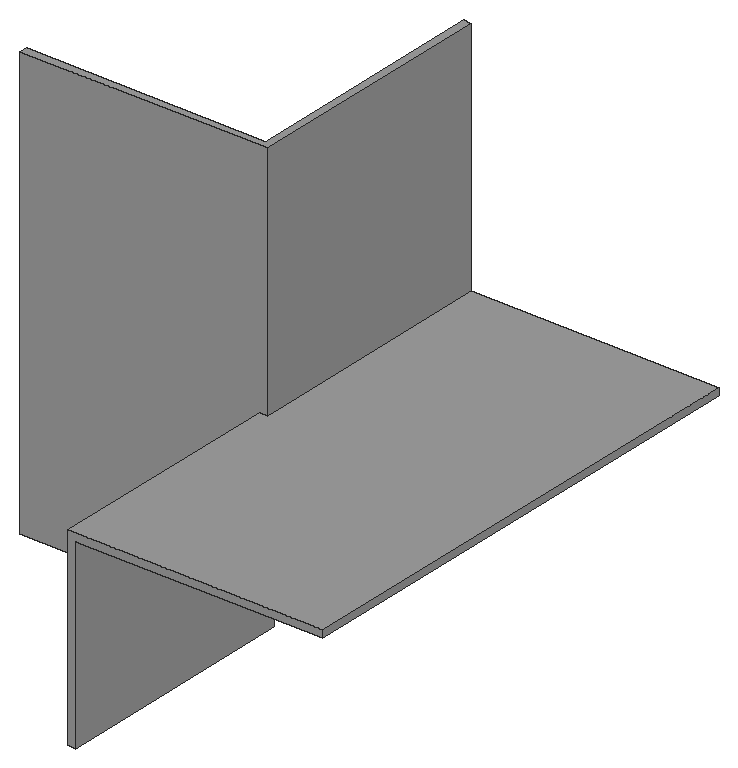
Revit family "Flashing_Preformed_Hyload_Type-WL1", category Generic Models, Revit 2014
Parameters (values of type "As Specified")
  Upper Height = 0' - 4"
  Unit Width = 1' - 0"
  Unit Height = 0' - 2"
  Unit Depth = 0' - 4"
  URL = "http://www.hyload.com/"
  Thickness = 0' - 0 1/16"
  Specification = "http://www.arcat.com/sdspecs/htm04/07_65_00hyl.htm"
  Sales Information = "http://www.hyload.com/contact-us"
  Revision = "R1_12-2015"
  Product Properties = "http://www.hyload.com/masonry-flashing/preformed-shapes/"
  Product Data = "http://www.arcat.com/arcatcos/cos33/arc33176.html"
  Model = "Type WL1"
  Manufacturer Website = "http://www.hyload.com/"
  Manufacturer Phone - Toll Free = "800-457-4056"
  Manufacturer Phone = "330-769-3546"
  Manufacturer Fax = "330-769-4153"
  Manufacturer Address = "5020 Panther Pkwy., Seville, OH 44273"
  Manufacturer = "Hyload"
  Lower Height = 0' - 1 1/2"
  Keynote = "07 65 00"
  Flashing Material = Hyload Flashing Membrane - Grey
  Drawn By = "Robert S. Weygant / Sumex Design"
  Description = "Preformed Hyload Masonry Flashing - Type WL1"
  Copyright = "(c) ARCAT, Inc, 2015"
  Construction Details = "http://www.arcat.com/details/hyload/hyload.html?coid=33176"
  Assembly Code = "B3010400"
Reference planes (in)
  plane 1 "Center (Front/Back)": y = 0
  plane 2: z = 0
  plane 3 "Center (Left/Right)": x = 0
  plane 4 "Back": y = 2
  plane 5: x = 2
  plane 6 "WinPlane": z = -1.5
  plane 7: x = 22
  plane 8 "Front": y = -2
  plane 9: z = 2
  plane 10: x = -2
Forms (in)
  Extrusion 1, solid, material "Hyload Flashing Membrane - Grey" <- "Flashing Material"
    sketch origin (0, 0, 0) x (1, 0, 0) y (0, 0, 1)
      loop
        line (0, 0) -> (2, 0) -> (2, 0.0625) -> (-0.0625, 0.0625) -> (-0.0625, -1.5) -> (0, -1.5) -> (0, 0)
    from 0 to 2
  Extrusion 2, solid, material "Hyload Flashing Membrane - Grey" <- "Flashing Material"
    sketch origin (0, 2, 0) x (-1, 0, 0) y (0, 0, 1)
      loop
        line (0, 0.0625) -> (-2, 0.0625) -> (-2, 0) -> (0.0625, 0) -> (0.0625, 2) -> (0, 2) -> (0, 0.0625)
    from -2 to 0
  Extrusion 3, solid, material "Hyload Flashing Membrane - Grey" <- "Flashing Material"
    sketch origin (0, 0, 0) x (1, 0, 0) y (0, 0, 1)
      loop
        line (-2, 2) -> (-2, -1.5) -> (0, -1.5) -> (0, 2) -> (-2, 2)
    from 0 to 0.0625 <- "Thickness"
Cuts and joins
  joined: Extrusion 1, Extrusion 2, Extrusion 3
Dimensions and locks (in)
  "Unit Depth": plane 4 "Back" to plane 8 "Front"
  locked: plane 8 "Front" to plane 1 "Center (Front/Back)" at 2
  plane 10 to plane 3 "Center (Left/Right)" = 0' - 2"
  locked: plane 3 "Center (Left/Right)" to plane 5 at 2
  "Lower Height": level to plane 6 "WinPlane"
  "Unit Height": plane 9 to level
  "Thickness": plane 3 "Center (Left/Right)" to Extrusion 1 sketch curve
  "Thickness": Extrusion 1 sketch curve to level
  "Thickness": Extrusion 2 sketch curve to level
  "Thickness": plane 3 "Center (Left/Right)" to Extrusion 2 sketch curve
  aligned and locked: plane 2 to level
  aligned and locked: level to Extrusion 1 sketch curve
  aligned and locked: Extrusion 1 sketch curve to plane 3 "Center (Left/Right)"
  aligned and locked: Extrusion 1 sketch curve to plane 5
  aligned and locked: plane 6 "WinPlane" to Extrusion 1 sketch curve
  aligned and locked: Extrusion 1 to plane 8 "Front"
  aligned and locked: Extrusion 1 to plane 1 "Center (Front/Back)"
  aligned and locked: plane 1 "Center (Front/Back)" to Extrusion 2
  aligned and locked: plane 4 "Back" to Extrusion 2
  aligned and locked: Extrusion 2 sketch curve to plane 9
  aligned and locked: Extrusion 2 sketch curve to plane 5
  aligned and locked: level to Extrusion 2 sketch curve
  aligned and locked: plane 3 "Center (Left/Right)" to Extrusion 2 sketch curve
  aligned and locked: Extrusion 3 sketch curve to plane 9
  aligned and locked: plane 10 to Extrusion 3 sketch curve
  aligned and locked: Extrusion 3 sketch curve to Extrusion 1  (x2)
  aligned and locked: Extrusion 3 to plane 1 "Center (Front/Back)"
